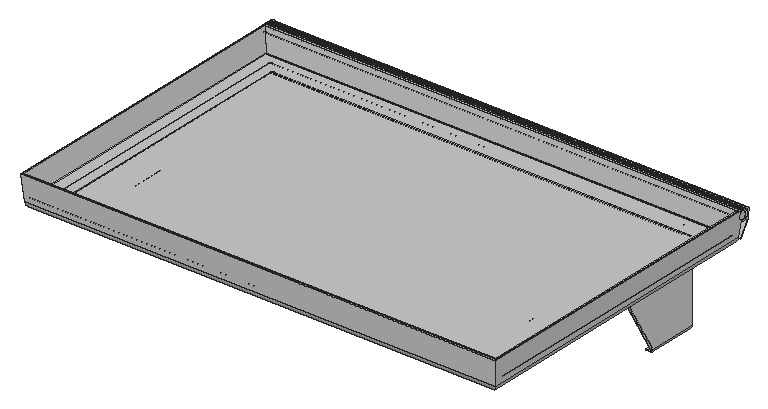
Revit family "NLRS_33_GM_FB_TC_STORAX_vloerluik_BV-GD_BCB", category Generic Models, host Face, Revit 2014
Parameters (values of type "BV-GD 106")
  vullen_met_beton = "ja"  # constant formula
  vergrendeling = "nee"  # constant formula
  uitwendige_lengte = 752 mm
  uitwendige_breedte = 1135 mm
  sluiting = "0"  # constant formula
  scharnierend = "ja"  # constant formula
  rubberen_afdichting = "enkel"  # constant formula
  productgroep = "Vloerluiken"  # constant formula
  materiaal = bcb_staal
  inbouwhoogte [instance] = 75 mm
  geïsoleerd = "nee"  # constant formula
  gewicht = "42"
  gasveer 2 = yes
  gasdrukveer = "ja"  # constant formula
  brandwerend 90 min = "nee"  # constant formula
  binnenmaat_lengte = uitwendige_lengte - 152 mm  # 600 mm
  binnenmaat_breedte = uitwendige_breedte - 135 mm  # 1000 mm
  binnenluik = "tbv betonvulling"  # constant formula
  belasting = "125 kN"  # constant formula
  URL = "http://www.storax.nl/producten/Staal/184/Type-BV-GD"
  Model = "BV"  # constant formula
  Manufacturer = "Storax"  # constant formula
  Default Elevation = 1219.2 mm
Types (6, lengths in mm): name | uitwendige_lengte | uitwendige_breedte | gewicht | gasveer 2 | binnenmaat_lengte | binnenmaat_breedte
  (no name) | 752 | 1135 | "42" | yes | 600 | 1000
  BV-GD 66 | 752 | 735 | "29" | no | 600 | 600
  BV-GD 86 | 752 | 935 | "36" | yes | 600 | 800
  BV-GD 88 | 952 | 935 | "42" | yes | 800 | 800
  BV-GD 106 | 752 | 1135 | "42" | yes | 600 | 1000
  BV-GD 110 | 1152 | 1135 | "55" | yes | 1000 | 1000
Reference planes
  plane 1 "Center (Front/Back)": y = 0
  plane 2: z = 0
  plane 3 "Center (Left/Right)": x = 0
  plane 4: y = 367.5
  plane 5: y = -367.5
  plane 6: x = 567.5
  plane 7: x = -567.5
  plane 8: z = -75
  plane 9: x = -525.5
  plane 10: y = 325.5
  plane 11: y = -325.5
  plane 12: x = 525.5
  plane 13: x = -405.5
  plane 14: x = 405.5
  plane 15: y = -205.5
  plane 16: y = 205.5
  plane 17 "o.k. luik": z = -53.988
  plane 18: y = 300
  plane 19: x = -499.5
  plane 20: x = 499.5
  plane 21: y = 365.4
  plane 22: y = 360.5
  plane 23: y = 384.5
Forms (mm)
  Sweep 1, solid, material "bcb_staal" <- "materiaal", detail levels medium+fine
    path origin (0, 0, 0) x (1, 0, 0) y (0, 1, 0)
      loop
        line (-567.5, 367.5) -> (-567.5, -367.5) -> (567.5, -367.5) -> (567.5, 367.5) -> (-567.5, 367.5)
    profile origin (-567.5, 0, 0) x (-1, 0, 0) y (0, 0, 1)
      loop
        line (0, 0) -> (-2.01, 0) -> (-8.062, -60.739)
        arc (-8.062, -60.739) -> (-19.025, -71.913) -> (-32.302, -63.62) r 12.5
        line (-32.302, -63.62) -> (-34.724, -56.679)
        arc (-34.724, -56.679) -> (-38.41, -54.001) -> (-42.212, -56.51) r 4
        line (-42.212, -56.51) -> (-44.362, -61.868)
        arc (-44.362, -61.868) -> (-48.269, -64.946) -> (-52.899, -63.13) r 5
        line (-52.899, -63.13) -> (-56.64, -57.982)
        arc (-56.64, -57.982) -> (-63.349, -55.792) -> (-67.5, -61.5) r 6
        line (-67.5, -61.5) -> (-67.5, -75) -> (-65.5, -75) -> (-65.5, -61.5)
        arc (-65.5, -61.5) -> (-62.734, -57.695) -> (-58.262, -59.152) r 4
        line (-58.262, -59.152) -> (-54.667, -64.109)
        arc (-54.667, -64.109) -> (-48.142, -66.947) -> (-42.504, -62.607) r 7
        line (-42.504, -62.607) -> (-40.356, -57.255)
        arc (-40.356, -57.255) -> (-38.451, -56.001) -> (-36.61, -57.346) r 2
        line (-36.61, -57.346) -> (-34.19, -64.279)
        arc (-34.19, -64.279) -> (-18.789, -73.899) -> (-6.071, -60.938) r 14.5
        line (-6.071, -60.938) -> (0, 0)
  Sweep 2, solid, material "bcb_staal" <- "materiaal", detail levels medium+fine
    path origin (0, 0, 0) x (1, 0, 0) y (0, 1, 0)
      loop
        line (-567.5, 360.5) -> (-567.5, -367.5) -> (567.5, -367.5) -> (567.5, 360.5) -> (-567.5, 360.5)
    profile origin (-567.5, -3.5, 0) x (-1, 0, 0) y (0, 0, 1)
      loop
        line (-10.487, -50.628) -> (-2.484, 0) -> (-4.5, 0) -> (-12.438, -50.313)
        arc (-12.438, -50.313) -> (-13.121, -51.538) -> (-14.437, -52.024) r 2.024
        line (-14.437, -52.024) -> (-67.5, -52.024) -> (-67.5, -53.988) -> (-14.751, -53.988)
        arc (-14.751, -53.988) -> (-11.962, -53.142) -> (-10.487, -50.628) r 4
  Sweep 3, solid, material "bcb_staal" <- "materiaal", detail levels coarse
    path origin (0, 0, 0) x (1, 0, 0) y (0, 1, 0)
      loop
        line (-567.5, 360.5) -> (-567.5, -367.5) -> (567.5, -367.5) -> (567.5, 360.5) -> (-567.5, 360.5)
    profile origin (-567.5, -3.5, 0) x (-1, 0, 0) y (0, 0, 1)
      loop
        line (0, 0) -> (-4.5, 0) -> (-12.74, -52.024) -> (-67.5, -52.024) -> (-67.5, -75) -> (-7.473, -75) -> (0, 0)
  Extrusion 4, solid, material "bcb_staal" <- "materiaal", detail levels medium+fine
    sketch origin (0, 0, 0) x (1, 0, 0) y (0, 1, 0)
      loop
        line (-500, 300) -> (-500, -300) -> (500, -300) -> (500, 300) -> (-500, 300)
    from -53.988 to -52
  Extrusion 5, solid, material "bcb_staal" <- "materiaal", detail levels coarse
    sketch origin (0, 0, 0) x (1, 0, 0) y (0, 1, 0)
      loop
        line (-500, 293) -> (-500, -300) -> (500, -300) -> (500, 293) -> (-500, 293)
    from -75 to -52.024
  Extrusion 6, void
    sketch origin (0, 0, 0) x (1, 0, 0) y (0, 1, 0)
      loop
        line (-405.5, -205.5) -> (405.5, -205.5) -> (405.5, 205.5) -> (-405.5, 205.5) -> (-405.5, -205.5)
    from -500 to 10
  Sweep 7, void
    path origin (0, 0, 0) x (1, 0, 0) y (0, 1, 0)
      loop
        line (-567.5, 367.5) -> (-567.5, -367.5) -> (567.5, -367.5) -> (567.5, 367.5) -> (-567.5, 367.5)
    profile origin (-567.5, 0, 0) x (-1, 0, 0) y (0, 0, 1)
      loop
        line (0.498, 5) -> (-162, 5) -> (-162, -365) -> (-65.5, -365) -> (-65.5, -75) -> (-7.473, -75) -> (0.498, 5)
  Extrusion 8, solid, material "bcb_staal" <- "materiaal", detail levels medium+fine
    sketch origin (0, 0, 0) x (0, 1, 0) y (0, 0, 1)
      loop
        line (379.61, 0) -> (377.11, 0) -> (377.11, -2) -> (379.61, -2)
        arc (379.61, -2) -> (381.378, -2.732) -> (382.11, -4.5) r 2.5
        line (382.11, -4.5) -> (382.11, -21.5)
        arc (382.11, -21.5) -> (381.378, -23.268) -> (379.61, -24) r 2.5
        line (379.61, -24) -> (365.11, -24) -> (365.11, -26) -> (379.61, -26)
        arc (379.61, -26) -> (382.792, -24.682) -> (384.11, -21.5) r 4.5
        line (384.11, -21.5) -> (384.11, -4.5)
        arc (384.11, -4.5) -> (382.792, -1.318) -> (379.61, 0) r 4.5
    from -567.5 to 567.5
  Extrusion 9, solid, material "bcb_staal" <- "materiaal", detail levels medium+fine
    sketch origin (0, 0, 0) x (0, 1, 0) y (0, 0, 1)
      loop
        line (361.507, -60.04) -> (363.234, -61.048) -> (383.411, -26.51) -> (383.411, -23.909)
        arc (383.411, -23.909) -> (382.649, -24.819) -> (381.676, -25.498) r 4.5
        line (381.676, -25.498) -> (361.507, -60.04)
    from -567.5 to 567.5
  Extrusion 10, solid, material "bcb_staal" <- "materiaal", detail levels medium+fine
    sketch origin (0, 0, 0) x (0, 1, 0) y (0, 0, 1)
      loop
        circle (365.4, -11) r 8
    from -567.5 to 567.5
  Extrusion 11, solid, material "bcb_staal" <- "materiaal", detail levels coarse
    sketch origin (0, 0, -2) x (0, 1, 0) y (0, 0, 1)
      loop
        line (363.234, -61.048) -> (384.11, -25.313) -> (384.11, 2) -> (354.11, 2) -> (354.11, -73) -> (360.226, -73) -> (361.417, -61.048) -> (363.234, -61.048)
    from -567.5 to 567.5
  Sweep 12, void
    path origin (0, 0, 0) x (1, 0, 0) y (0, 1, 0)
      loop
        line (-567.5, 367.5) -> (567.5, 367.5)
    profile origin (0, 367.5, 0) x (0, 1, 0) y (0, 0, 1)
      loop
        line (16.61, 2) -> (-13.39, 2) -> (-13.39, -75) -> (-7.473, -75) -> (-6.083, -61.048) -> (-4.266, -61.048) -> (16.61, -25.313) -> (16.61, 2)
  Extrusion 13, solid, material "bcb_staal" <- "materiaal", detail levels medium+fine
    sketch origin (0, 0, 0) x (0, 1, 0) y (0, 0, 1)
      loop
        arc (370.504, -2) -> (372.979, -3.025) -> (374.004, -5.5) r 3.5
        line (374.004, -5.5) -> (374.004, -7) -> (376.004, -7) -> (376.004, -5.5)
        arc (376.004, -5.5) -> (374.393, -1.611) -> (370.504, 0) r 5.5
        line (370.504, 0) -> (356, 0) -> (355.683, -2) -> (370.504, -2)
    from -567.5 to 567.5
Cuts and joins
  joined: Sweep 2, Extrusion 4, Extrusion 13
  joined: Sweep 3, Extrusion 5
Text (mm)
  text "Indien u deze familie geopend hebt vanuit het project via Edit Family: Niet Opslaan!\n\nOpen de familie via File - Open Family om de familie aan te passen.\n\n\n\nMocht u zelf aanpassingen willen aanbrengen in een type van de family, \n\npak dan het type maatwerk en neem contact op met Storax." at (-0.374, 589.999, 0), in view "Ref. Level"
Dimensions and locks
  equal spacing: plane 7, plane 3 "Center (Left/Right)", plane 6
  "uitwendige_breedte": plane 7 to plane 6
  equal spacing: plane 4, plane 1 "Center (Front/Back)", plane 5
  locked: plane 4 to plane 10 at 42
  locked: plane 7 to plane 9 at 42
  locked: plane 12 to plane 6 at 42
  locked: plane 5 to plane 11 at 42
  locked: plane 9 to plane 13 at 120
  locked: plane 14 to plane 12 at 120
  locked: plane 15 to plane 11 at 120
  locked: plane 10 to plane 16 at 120
  locked: plane 10 to plane 18 at 25.5
  locked: plane 9 to plane 19 at 26
  locked: plane 20 to plane 12 at 26
  locked: plane 4 to plane 22 at 7
  locked: plane 23 to plane 4 at 17
  "uitwendige_lengte": plane 23 to plane 5
  aligned and locked: plane 2 to host face
  aligned and locked: level to host face
  aligned and locked: Sweep 1 sketch curve to plane 4
  aligned and locked: plane 7 to Sweep 1 sketch curve
  aligned and locked: plane 5 to Sweep 1 sketch curve
  aligned and locked: Sweep 1 sketch curve to plane 6
  aligned and locked: Sweep 2 sketch curve to Sweep 1  (x2)
  aligned and locked: Sweep 1 to Sweep 2 sketch curve
  aligned and locked: Sweep 3 sketch curve to Sweep 1  (x2)
  aligned and locked: Sweep 1 to Sweep 3 sketch curve
  aligned and locked: Extrusion 4 sketch curve to Sweep 1  (x4)
  aligned and locked: Extrusion 5 sketch curve to Sweep 3  (x2)
  aligned and locked: Extrusion 5 sketch curve to Sweep 1
  aligned and locked: Sweep 1 to Extrusion 5 sketch curve
  aligned and locked: Extrusion 6 to plane 16
  aligned and locked: Extrusion 6 to plane 14
  aligned and locked: Extrusion 6 to plane 15
  aligned and locked: Extrusion 6 to plane 13
  aligned and locked: Sweep 7 sketch curve to plane 4
  aligned and locked: Sweep 7 sketch curve to plane 6
  aligned and locked: plane 5 to Sweep 7 sketch curve
  aligned and locked: plane 7 to Sweep 7 sketch curve
  aligned and locked: nested 1 to plane 18
  aligned and locked: plane 19 to nested 1
  aligned and locked: nested 2 to plane 20
  aligned and locked: plane 18 to nested 2
  aligned and locked: plane 7 to Sweep 12 sketch curve
  aligned and locked: plane 6 to Sweep 12 sketch curve
  aligned and locked: Sweep 2 sketch curve to plane 22
  aligned and locked: Sweep 3 sketch curve to plane 22
  aligned and locked: cut or joined group of Sweep 2, Extrusion 4, Extrusion 13 to plane 7
  aligned and locked: plane 6 to cut or joined group of Sweep 2, Extrusion 4, Extrusion 13
  aligned and locked: plane 6 to Extrusion 10
  aligned and locked: plane 6 to Extrusion 8
  aligned and locked: plane 6 to Extrusion 9
  aligned and locked: Extrusion 8 to plane 7
  aligned and locked: Extrusion 10 to plane 7
  aligned and locked: Extrusion 9 to plane 7
  aligned and locked: Extrusion 11 to plane 7
  aligned and locked: plane 6 to Extrusion 11
Automatic sketch dimensions
  host sketch curve to host sketch curve = 2000 mm  (x2)
  Sweep 1 sketch curve to profile plane = 0 mm
  profile plane to Sweep 1 sketch curve = 6.071 mm
  Sweep 1 sketch curve to Sweep 1 sketch curve = 1.99 mm
  Sweep 1 sketch curve to Sweep 1 sketch curve = 12.438 mm
  Sweep 1 sketch curve to Sweep 1 sketch curve = 0 mm  (x6)
  Sweep 1 sketch curve to Sweep 1 sketch curve = 11.802 mm
  Sweep 1 sketch curve to Sweep 1 sketch curve = 1.888 mm
  Sweep 1 sketch curve to Sweep 1 sketch curve = 2.423 mm
  Sweep 1 sketch curve to Sweep 1 sketch curve = 1.886 mm
  Sweep 1 sketch curve to Sweep 1 sketch curve = 1.89 mm
  Sweep 1 sketch curve to Sweep 1 sketch curve = 1.856 mm  (x2)
  Sweep 1 sketch curve to Sweep 1 sketch curve = 2.147 mm
  Sweep 1 sketch curve to Sweep 1 sketch curve = 1.858 mm
  Sweep 1 sketch curve to Sweep 1 sketch curve = 4.638 mm
  Sweep 1 sketch curve to Sweep 1 sketch curve = 3.899 mm
  Sweep 1 sketch curve to Sweep 1 sketch curve = 1.768 mm
  Sweep 1 sketch curve to Sweep 1 sketch curve = 3.741 mm
  Sweep 1 sketch curve to Sweep 1 sketch curve = 1.622 mm
  Sweep 1 sketch curve to Sweep 1 sketch curve = 3.238 mm
  Sweep 1 sketch curve to Sweep 1 sketch curve = 4 mm
  Sweep 1 sketch curve to Sweep 1 sketch curve = 2 mm
  Sweep 1 sketch curve to level = 56.51 mm
  Sweep 1 sketch curve to Sweep 1 sketch curve = 0.169 mm
  Sweep 1 sketch curve to Sweep 1 sketch curve = 0.745 mm
  Sweep 1 sketch curve to Sweep 1 sketch curve = 0.654 mm
  Sweep 1 sketch curve to Sweep 1 sketch curve = 1.471 mm
  Sweep 1 sketch curve to Sweep 1 sketch curve = 1.17 mm
  Sweep 1 sketch curve to Sweep 1 sketch curve = 2.821 mm
  Sweep 1 sketch curve to Sweep 1 sketch curve = 3.49 mm
  Sweep 1 sketch curve to Sweep 1 sketch curve = 1.239 mm
  Sweep 1 sketch curve to Sweep 1 sketch curve = 0.198 mm
  Sweep 1 sketch curve to Sweep 1 sketch curve = 1.867 mm
  Sweep 1 sketch curve to Sweep 1 sketch curve = 0.739 mm
  Sweep 1 sketch curve to Sweep 1 sketch curve = 13.5 mm
  profile plane to Sweep 1 sketch curve = 2.01 mm
  Sweep 1 sketch curve to Sweep 1 sketch curve = 60.938 mm
  Sweep 2 sketch curve to level = 0 mm
  profile plane to Sweep 2 sketch curve = 14.751 mm
  Sweep 2 sketch curve to Sweep 2 sketch curve = 0.313 mm  (x2)
  Sweep 2 sketch curve to Sweep 2 sketch curve = 0 mm  (x2)
  Sweep 2 sketch curve to Sweep 2 sketch curve = 1.95 mm
  Sweep 2 sketch curve to Sweep 2 sketch curve = 0.315 mm
  Sweep 2 sketch curve to Sweep 2 sketch curve = 53.063 mm
  profile plane to Sweep 2 sketch curve = 4.5 mm
  Sweep 2 sketch curve to Sweep 2 sketch curve = 2.016 mm
  Sweep 2 sketch curve to level = 52.024 mm
  Sweep 2 sketch curve to Sweep 2 sketch curve = 1.963 mm
  Sweep 3 sketch curve to level = 0 mm
  Sweep 3 sketch curve to profile plane = 0 mm
  profile plane to Sweep 3 sketch curve = 4.5 mm
  profile plane to Sweep 3 sketch curve = 12.74 mm
  Sweep 3 sketch curve to Sweep 3 sketch curve = 54.76 mm
  Sweep 3 sketch curve to level = 52.024 mm
  profile plane to Sweep 3 sketch curve = 7.473 mm
  Sweep 3 sketch curve to Sweep 3 sketch curve = 22.976 mm
  Extrusion 6 sketch curve to plane 11 = 120 mm
  Extrusion 6 sketch curve to plane 1 "Center (Front/Back)" = 205.5 mm
  Extrusion 6 sketch curve to plane 13 = 0 mm
  Extrusion 6 sketch curve to plane 14 = 0 mm
  level to Sweep 7 sketch curve = 5 mm
  profile plane to Sweep 7 sketch curve = 162 mm
  profile plane to Sweep 7 sketch curve = 65.5 mm
  profile plane to Sweep 7 sketch curve = 7.473 mm
  Sweep 7 sketch curve to profile plane = 0.498 mm
  Sweep 7 sketch curve to level = 75 mm
  Sweep 7 sketch curve to Sweep 7 sketch curve = 290 mm
  Extrusion 8 sketch curve to Extrusion 8 sketch curve = 0 mm  (x4)
  Extrusion 8 sketch curve to level = 0 mm
  Extrusion 8 sketch curve to plane 4 = 2.39 mm
  plane 4 to Extrusion 8 sketch curve = 9.61 mm
  Extrusion 8 sketch curve to Extrusion 8 sketch curve = 2.5 mm  (x2)
  plane 4 to Extrusion 8 sketch curve = 12.11 mm
  Extrusion 8 sketch curve to Extrusion 8 sketch curve = 2 mm
  Extrusion 8 sketch curve to Extrusion 8 sketch curve = 17 mm
  Extrusion 8 sketch curve to Extrusion 8 sketch curve = 0.001 mm
  Extrusion 9 sketch curve to plane 4 = 5.993 mm
  Extrusion 9 sketch curve to Extrusion 9 sketch curve = 1.727 mm
  plane 17 "o.k. luik" to Extrusion 9 sketch curve = 7.061 mm
  Extrusion 9 sketch curve to Extrusion 9 sketch curve = 1.009 mm
  plane 4 to Extrusion 9 sketch curve = 14.176 mm
  Extrusion 9 sketch curve to Extrusion 9 sketch curve = 1.735 mm
  Extrusion 9 sketch curve to level = 26.51 mm
  Extrusion 9 sketch curve to Extrusion 9 sketch curve = 1.012 mm
  Extrusion 9 sketch curve to Extrusion 9 sketch curve = 1.589 mm
  Extrusion 9 sketch curve to Extrusion 9 sketch curve = 2.066 mm
  Extrusion 10 sketch curve to plane 21 = 0 mm
  Sweep 12 sketch curve to plane 4 = 0 mm
  Extrusion 10 sketch curve to level = 11 mm
  Extrusion 11 sketch curve to level = 0 mm
  Extrusion 11 sketch curve to plane 22 = 6.39 mm
  plane 22 to Extrusion 11 sketch curve = 0.917 mm
  Extrusion 11 sketch curve to Extrusion 11 sketch curve = 1.817 mm
  plane 4 to Extrusion 11 sketch curve = 16.61 mm
  Extrusion 11 sketch curve to level = 27.313 mm
  plane 17 "o.k. luik" to Extrusion 11 sketch curve = 9.061 mm
  Extrusion 11 sketch curve to plane 22 = 0.274 mm
  Extrusion 11 sketch curve to plane 8 = 0 mm
  Extrusion 13 sketch curve to level = 0 mm
  plane 4 to Extrusion 13 sketch curve = 3.004 mm
  Extrusion 13 sketch curve to plane 22 = 4.817 mm
  Extrusion 13 sketch curve to Extrusion 13 sketch curve = 0.317 mm
  Extrusion 13 sketch curve to Extrusion 13 sketch curve = 0 mm  (x2)
  Extrusion 13 sketch curve to Extrusion 13 sketch curve = 2 mm
  Extrusion 13 sketch curve to level = 5.5 mm
  Extrusion 13 sketch curve to Extrusion 13 sketch curve = 1.5 mm
  level to Sweep 12 sketch curve = 2 mm
  profile plane to Sweep 12 sketch curve = 13.39 mm
  Sweep 12 sketch curve to Sweep 12 sketch curve = 5.917 mm
  profile plane to Sweep 12 sketch curve = 6.083 mm
  Sweep 12 sketch curve to Sweep 12 sketch curve = 1.817 mm
  Sweep 12 sketch curve to profile plane = 16.61 mm
  Sweep 12 sketch curve to level = 25.313 mm
  Sweep 12 sketch curve to Sweep 12 sketch curve = 35.736 mm
  Sweep 12 sketch curve to Sweep 12 sketch curve = 13.952 mm
  radius of Extrusion 10 sketch curve = 8 mm
Nested families
  nested 1: "NLRS_33_GM_FB_TC_STORAX_vloerluik_BV-GD_BCB_Gasveer" at (-499.5, 300, 0), visible <- "gasveer 2", type "NLRS_33_GM_FB_TC_STORAX_vloerluik_BV-GD_BCB_Gasveer"
  nested 2: "NLRS_33_GM_FB_TC_STORAX_vloerluik_BV-GD_BCB_Gasveer" at (499.5, 300, 0) x (-1, 0, 0) z (0, 0, 1), type "NLRS_33_GM_FB_TC_STORAX_vloerluik_BV-GD_BCB_Gasveer"
Definition of nested family "NLRS_33_GM_FB_TC_STORAX_vloerluik_BV-GD_BCB_Gasveer"
  Parameters (values of type "NLRS_33_GM_FB_TC_STORAX_vloerluik_BV-GD_BCB_Gasveer")
    materiaal = bcb_staal
    gasveer hoek = yes
    Default Elevation = 1219.2 mm
  Reference planes
    plane 1 "Center (Front/Back)": y = 0
    plane 2: z = 0
    plane 3 "Center (Left/Right)": x = 0
    plane 4: through (0, -71.994, -159.424) normal (0, -0.2126, -0.9771)
    plane 5: x = 66
  Forms (mm)
    Extrusion 1, solid
      sketch origin (0, 0, 0) x (1, 0, 0) y (0, 1, 0)
        loop
          line (-250, 250) -> (-250, -250) -> (-109.552, -250) -> (-109.552, 250) -> (-250, 250)
      from 0 to -100
    Extrusion 2, solid, material "bcb_rvs", detail levels fine
      sketch origin (0, 0, -54) x (0, 1, 0) y (0, 0, 1)
        loop
          line (-511.996, 0) -> (-511.996, -5.499) -> (-421.996, -5.499) -> (-421.996, 0) -> (-511.996, 0)
      from 37 to 68.5
    Extrusion 3, solid, material "bcb_rvs", detail levels fine
      sketch origin (0, 0, -54) x (0, 1, 0) y (0, 0, 1)
        loop
          line (-511.996, -5.499) -> (-511.996, -14.999) -> (-465.23, -41.999) -> (-436.996, -41.999) -> (-421.996, -26.999) -> (-421.996, -5.499) -> (-511.996, -5.499)
      from 63.5 to 68.5
    Sweep 4, solid, material "bcb_rvs", visible <- "gasveer hoek", detail levels medium+fine
      path origin (0, 0, 0) x (1, 0, 0) y (0, 1, 0)
        loop
          line (0, -214.2) -> (0, 0) -> (214.2, 0)
      profile origin (107.1, 0, 0) x (0, 1, 0) y (0, 0, 1)
        loop
          line (-17, -246.78) -> (-17, -249.78) -> (-6, -249.78)
          arc (-6, -249.78) -> (-1.757, -248.023) -> (0, -243.78) r 6
          line (0, -243.78) -> (0, -61.499) -> (-3, -61.499) -> (-3, -243.78)
          arc (-3, -243.78) -> (-3.879, -245.901) -> (-6, -246.78) r 3
          line (-6, -246.78) -> (-17, -246.78)
    Extrusion 5, void
      sketch origin (0, 0, -54) x (0, 1, 0) y (0, 0, 1)
        loop
          line (-115, -192.78) -> (-227.511, 2.095) -> (-227.511, -207.78) -> (-115, -207.78) -> (-115, -192.78)
      from -10 to 25
    Extrusion 6, void
      sketch origin (0, 0, -54) x (-1, 0, 0) y (0, 0, 1)
        loop
          line (-115, -192.78) -> (-227.511, 2.095) -> (-227.511, -207.78) -> (-115, -207.78) -> (-115, -192.78)
      from -25 to 25
    Revolve 7, solid, material "bcb_rvs", detail levels fine
      sketch origin (66, 0, -54) x (0, 1, 0) y (0, 0, 1)
        loop
          line (-392.538, -49.996) -> (-74.97, -119.104) -> (-73.907, -114.218) -> (-69.998, -115.068) -> (-68.085, -106.274) -> (-411.742, -31.489) -> (-413.655, -40.283) -> (-391.475, -45.11) -> (-392.538, -49.996)
        axis (-68.085, -106.274) -> (-411.742, -31.489)
      angle from 0 to 360
    Extrusion 8, solid, material "bcb_rvs", detail levels fine
      sketch origin (0, 0, -54) x (0, 1, 0) y (0, 0, 1)
        loop
          line (-446.113, -34.243) -> (-413.868, -41.261) -> (-409.615, -21.718) -> (-441.861, -14.701)
          arc (-441.861, -14.701) -> (-447.895, -23.622) -> (-446.113, -34.243) r 14.5
      from 55 to 77
    Extrusion 9, solid, material "bcb_rvs", detail levels fine
      sketch origin (0, 0, -54) x (0, 1, 0) y (0, 0, 1)
        loop
          line (-65.959, -96.503) -> (-70.211, -116.045) -> (-23.309, -126.252)
          arc (-23.309, -126.252) -> (-17.274, -117.331) -> (-19.056, -106.709) r 14.5
          line (-19.056, -106.709) -> (-65.959, -96.503)
      from 55 to 77
    Extrusion 10, solid, material "bcb_rvs", detail levels fine
      sketch origin (0, 0, -54) x (0, 1, 0) y (0, 0, 1)
        loop
          line (-45, -114.78) -> (-45, -143.015) -> (-18, -189.78) -> (-8.5, -189.78) -> (-8.5, -99.78) -> (-30, -99.78) -> (-45, -114.78)
      from 63.5 to 68.5
    Extrusion 11, solid, material "bcb_rvs", detail levels fine
      sketch origin (0, 0, -54) x (0, 1, 0) y (0, 0, 1)
        loop
          line (-8.488, -99.78) -> (-8.488, -189.78) -> (-3, -189.78) -> (-3, -99.78) -> (-8.488, -99.78)
      from 37 to 68.5
    Sweep 12, solid, material "bcb_rvs", detail levels coarse+medium
      path origin (66, 0, -54) x (0, 1, 0) y (0, 0, 1)
        loop
          line (-447.895, -23.622) -> (-17.274, -117.331)
      profile origin (66, -232.585, -124.476) x (0, 0.212638, 0.977131) y (1, 0, 0)
        loop
          circle (0, 0) r 14
  Cuts and joins
    Extrusion 5, Extrusion 6 cuts Sweep 4
    joined: Extrusion 2, Extrusion 3
    joined: Extrusion 10, Extrusion 11
  Dimensions and locks
    aligned and locked: plane 2 to Extrusion 1
    aligned and locked: level to Extrusion 1
